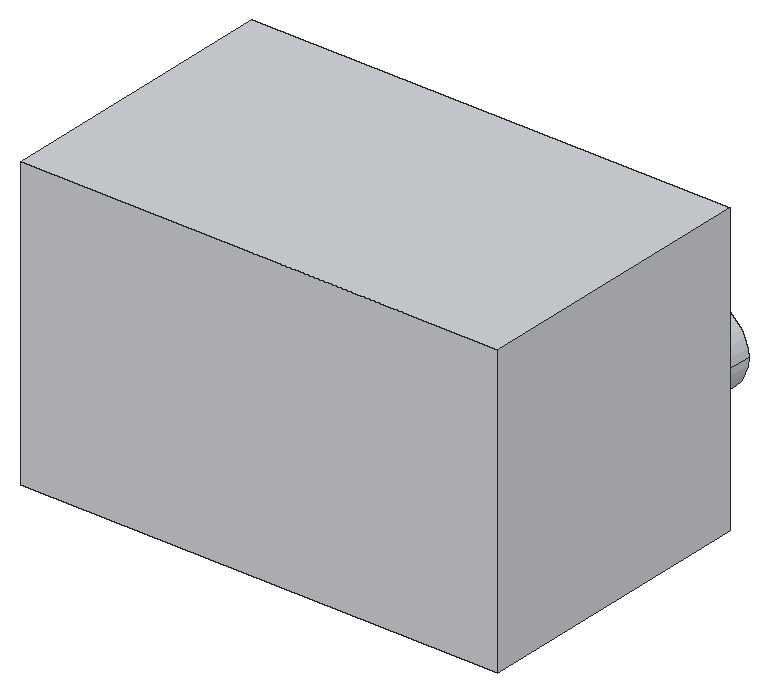
Revit family "73ee58d8ff2e43adb18b2b69044cc11a", category Conduit Fittings, Revit 2021
Family settings
  Round Connector Dimension = Use Radius
  Part Type = Junction Box Elbow
  OmniClass Number = 23.80.30.17.11
  OmniClass Title = Conduits
  Work Plane-Based = No
  Always vertical = Yes
  Cut with Voids When Loaded = No
  Shared = No
Parameters (values of type "Standard")
  Total Length 2 [instance] = size_lookup(Conduit Size Lookup, "TLgt2", 1.57 * Max Nominal Diameter 12 + 1 19/128", Max Nominal Diameter 12)  # 4 1/4"
  Total Length 1 [instance] = size_lookup(Conduit Size Lookup, "TLgt1", 2.59 * Max Nominal Diameter 12 + 1 241/256", Max Nominal Diameter 12)  # 6 3/4"
  Nominal Radius 2 [instance] = 1/4"
  Nominal Radius 1 [instance] = 1"
  Nominal Diameter 2 [instance] = Nominal Radius 2 * 2  # 1/2"
  Nominal Diameter 1 [instance] = Nominal Radius 1 * 2  # 2"
  Max Nominal Diameter 12 [instance] = if(Nominal Diameter 1 > Nominal Diameter 2, Nominal Diameter 1, Nominal Diameter 2)  # 2"
  Length 2 [instance] = Fitting Outside Radius 2  # 9/16"
  Length 1 [instance] = Total Length 1 - Conduit Length 1 - Length 2  # 5 15/16"
  Fitting Outside Radius 2 [instance] = Fitting Outside Diameter 2 * 0.5  # 9/16"
  Fitting Outside Radius 1 [instance] = Fitting Outside Diameter 1 * 0.5  # 1 7/16"
  Fitting Outside Diameter 2 [instance] = size_lookup(Conduit Size Lookup, "FOD", 1.22 * Nominal Diameter 2 + 69/128", Nominal Diameter 2)  # 1 1/8"
  Fitting Outside Diameter 1 [instance] = size_lookup(Conduit Size Lookup, "FOD", 1.22 * Nominal Diameter 1 + 69/128", Nominal Diameter 1)  # 2 7/8"
  Default Elevation = 0' - 0"
  Conduit Size Lookup = "Conduit Body - Service Entrance Type L - Aluminum"
  Conduit Length 2 [instance] = size_lookup(Conduit Size Lookup, "CLgt", 0.13 * Nominal Diameter 2 + 1/4", Nominal Diameter 2)  # 5/16"
  Conduit Length 1 [instance] = size_lookup(Conduit Size Lookup, "CLgt", 0.13 * Nominal Diameter 1 + 1/4", Nominal Diameter 1)  # 1/4"
  Length 3 [instance] = Total Length 2 - Conduit Length 2  # 3 15/16"
Reference planes (in)
  plane 1 "Center (Front/Back)": y = 0
  plane 2: z = 0
  plane 3 "Center (Left/Right)": x = 0
  plane 4: x = -5.9375
  plane 5: x = 0.5625
  plane 6: y = 1.96875
  plane 7: y = -1.96875
  plane 8: z = 1.96875
  plane 9: z = -1.96875
  plane 10: x = -6.1875
  plane 11: y = 2.28125
Forms (in)
  Extrusion 1, solid
    sketch origin (0, 0, 0) x (1, 0, 0) y (0, 1, 0)
      loop
        line (-5.9375, 1.96875) -> (-5.9375, -1.96875) -> (0.5625, -1.96875) -> (0.5625, 1.96875) -> (-5.9375, 1.96875)
    from -1.96875 to 1.96875
  Extrusion 2, solid, detail levels fine
    sketch origin (0, 0, 0) x (0, 1, 0) y (0, 0, 1)
      loop
        circle (0, 0) r 1.4375
    from -6.1875 to -5.9375
  Extrusion 3, solid, detail levels fine
    sketch origin (0, 0, 0) x (1, 0, 0) y (0, 0, 1)
      loop
        circle (0, 0) r 0.5625
    from -1.96875 to -2.28125
Cuts and joins
  joined: Extrusion 2, Extrusion 3
Lines and regions (in)
  model lines, detail levels coarse+medium
    curve 1: line (-6.1875, 0, 0) -> (-5.9375, 0, 0)
    curve 2: line (0, 2.28125, 0) -> (0, 1.96875, 0)
Dimensions and locks (in)
  "Length 1": plane 4 to plane 3 "Center (Left/Right)"
  "Length 2": plane 3 "Center (Left/Right)" to plane 5
  equal spacing: plane 6, plane 1 "Center (Front/Back)", plane 7
  "Length 3": plane 6 to plane 7
  equal spacing: plane 8, plane 2, plane 9
  "Length 3": plane 8 to plane 9
  "Conduit Length 1": plane 10 to plane 4
  "Conduit Length 2": plane 11 to plane 6
  "Fitting Outside Radius 1": radius of Extrusion 2 sketch curve
  "Fitting Outside Radius 2": radius of Extrusion 3 sketch curve
  aligned and locked: Extrusion 1 to plane 7
  aligned and locked: plane 6 to Extrusion 1
  aligned and locked: Extrusion 1 to plane 4
  aligned and locked: plane 5 to Extrusion 1
  aligned and locked: plane 8 to Extrusion 1
  aligned and locked: Extrusion 1 to plane 9
  aligned and locked: plane 2 to Extrusion 2 sketch curve
  aligned and locked: plane 1 "Center (Front/Back)" to Extrusion 2 sketch curve
  aligned and locked: plane 4 to Extrusion 2
  aligned and locked: Extrusion 2 to plane 10
  aligned and locked: plane 2 to Extrusion 3 sketch curve
  aligned and locked: plane 3 "Center (Left/Right)" to Extrusion 3 sketch curve
  aligned and locked: plane 11 to Extrusion 3
  aligned and locked: plane 10 to curve 1
  aligned and locked: plane 4 to curve 1
  aligned and locked: plane 1 "Center (Front/Back)" to curve 1
  aligned and locked: plane 11 to curve 2
  aligned and locked: plane 6 to curve 2
  aligned and locked: curve 2 to plane 3 "Center (Left/Right)"
  aligned and locked: cut or joined group of Extrusion 2, Extrusion 3 to plane 6
Automatic sketch dimensions
  plane 4 to Extrusion 1 sketch curve = 0' - 0"
  Extrusion 1 sketch curve to plane 5 = 0' - 0"
  plane 1 "Center (Front/Back)" to Extrusion 1 sketch curve = 0' - 1 31/32"
  Extrusion 1 sketch curve to plane 1 "Center (Front/Back)" = 0' - 1 31/32"
Connectors (in)
  cabletrayconduit at (-6.1875, 0, 0), diameter 2, driven by "Nominal Radius 1"
    settings: on Extrusion 2, index 1, connector width 1' - 0", connector height 1' - 0", connector angle 0.00°, system type 32, placement type 0, profile type 0, connector reference index 2, is primary connector yes, connector utility param no, connector description ""
  cabletrayconduit at (0, 2.28125, 0), diameter 0.5, driven by "Nominal Radius 2"
    settings: on Extrusion 3, index 2, connector width 1' - 0", connector height 1' - 0", connector angle 0.00°, system type 32, placement type 0, profile type 0, connector reference index 1, is primary connector no, connector utility param no, connector description ""
